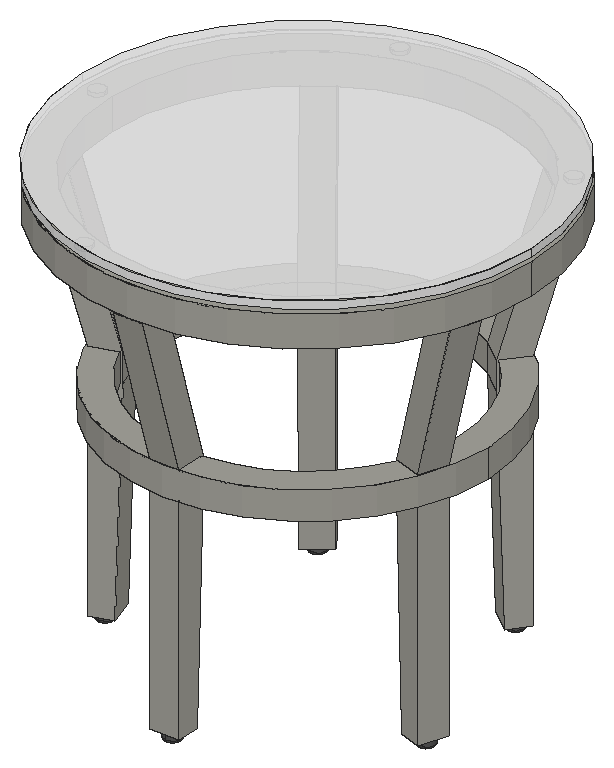
Revit family "Haworth_Janus_Slant_Table_Occasional_Round", category Furniture, Revit 2018
Family settings
  OmniClass Number = 23.40.70.14.64.21
  OmniClass Title = Systems Furniture
  Work Plane-Based = No
  Always vertical = Yes
  Cut with Voids When Loaded = No
  Shared = No
  Room Calculation Point = No
Parameters (values of type "HCJC-SL-TON20-G")
  Warranty = "https://www.haworth.com/resources/product-info/warranties"
  URL - Product = "https://www.haworth.com/products/tables/outdoor/slant"
  Trim Finish [instance] = Haworth _ Paint _ Slant _ Sable
  Top Finish = Haworth _ Glass _ Frosted
  Radius = Actual Width / 2  # 10"
  Model = "HCJC-SL-TON20-G"
  URL = "http://www.haworth.com/our-brands/haworth-collection"
  Size = "Verify Final Dim. w/ Haworth"  # constant formula
  Revision Number = "2"  # constant formula
  Standard Height = "19.75 in."  # constant formula
  Manufacturer = "Haworth"  # constant formula
  Description = "Haworth Janus Slant Round Occasional Table"
  Author = "Haworth (Abd Rahman)"  # constant formula
  Assembly Code = "E2020200"
  Actual Width = 20"  # constant formula
  Actual Height = 19 3/4"  # constant formula
  Table Thickness = Actual Height - 3/8"  # 19 3/8"
  Standard Depths = "20 in."  # constant formula
  Actual Depth = Actual Width  # 20"
Reference planes (in)
  plane 1 "Center F/B": y = -0.15866
  plane 2 "Floor": z = 0
  plane 3 "Center L/R": x = 0
  plane 4 "Table Edge Left": x = -10
  plane 5 "Table Edge Right": x = 10
  plane 6 "Table Edge Back": y = -10.15866
  plane 7 "Table Edge Front": y = 9.84134
  plane 8 "Table Top Top": z = 19.75
  plane 9: z = 0
  plane 10 "Table Bottom": z = 19.375
  plane 11: z = 19.2415
  plane 12: z = 17.8585
  plane 13: z = 11.39391
  plane 14: z = 10.14393
Forms (in)
  Extrusion 1, solid, material "Haworth _ Glass _ Frosted" <- "Top Finish"
    sketch origin (0, 0, 0) x (1, 0, 0) y (0, 1, 0)
      loop
        circle (0, -0.15866) r 10
    from 19.375 to 19.75
  Extrusion 2, solid, material "Haworth _ Paint _ Slant _ Sable" <- "Trim Finish"
    sketch origin (0, 0, 0) x (1, 0, 0) y (0, 1, 0)
      loop
        circle (7.55343, -5.58237) r 0.33501
      loop
        circle (-2.83181, -9.01637) r 0.33501
      loop
        circle (-9.30108, -0.20827) r 0.33501
      loop
        circle (-2.92436, 8.67343) r 0.33501
      loop
        circle (7.49291, 5.34379) r 0.33501
    from 19.23892 to 19.375
Lines and regions (in)
  Masking region 1
    outline origin (0, 0, 0) x (1, 0, 0) y (0, 1, 0)
      loop
        circle (0, -0.15866) r 10
  reference lines
    curve 1: circle (0, -0.15866, 0) r 10 normal (0, 0, 1)
Dimensions and locks (in)
  plane 4 "Table Edge Left" to plane 5 "Table Edge Right" = 20"
  equal spacing: plane 4 "Table Edge Left", plane 3 "Center L/R", plane 5 "Table Edge Right"
  plane 7 "Table Edge Front" to plane 6 "Table Edge Back" = 20"
  equal spacing: plane 7 "Table Edge Front", plane 1 "Center F/B", plane 6 "Table Edge Back"
  "Actual Height": plane 9 to plane 8 "Table Top Top"
  radius of Extrusion 1 sketch curve = 10"
  aligned and locked: Extrusion 1 sketch curve to curve 1
  aligned and locked: plane 8 "Table Top Top" to Extrusion 1  (x2)
  aligned and locked: Extrusion 1 to plane 10 "Table Bottom"
  aligned and locked: plane 10 "Table Bottom" to Extrusion 2
Automatic sketch dimensions
  plane 1 "Center F/B" to curve 1 = 0"
  curve 1 to plane 3 "Center L/R" = 0"
  plane 1 "Center F/B" to Extrusion 2 sketch curve = 0.04961"
  plane 4 "Table Edge Left" to Extrusion 2 sketch curve = 0.69892"
  Extrusion 2 sketch curve to plane 7 "Table Edge Front" = 1.16791"
  Extrusion 2 sketch curve to plane 3 "Center L/R" = 2.92436"
  plane 6 "Table Edge Back" to Extrusion 2 sketch curve = 1.14229"
  Extrusion 2 sketch curve to plane 3 "Center L/R" = 2.83181"
  Extrusion 2 sketch curve to plane 5 "Table Edge Right" = 2.50709"
  Extrusion 2 sketch curve to plane 5 "Table Edge Right" = 2.44657"
  plane 6 "Table Edge Back" to Extrusion 2 sketch curve = 4.57629"
  Extrusion 2 sketch curve to plane 7 "Table Edge Front" = 4.49755"
  plane 1 "Center F/B" to Masking region 1 sketch curve = 0"
  Masking region 1 sketch curve to plane 3 "Center L/R" = 0"
  radius of curve 1 = 10"
  radius of Extrusion 2 sketch curve = 0.33501"  (x5)
  radius of Masking region 1 sketch curve = 10"
Nested families (in)
  nested 1: "Haworth_Janus_Slant_RoundOccasionalTable_PART" at (0.03414, -0.00567, 0), Frame Finish <- "Trim Finish", type "HCJC-SL-TON20-G - PART"
Definition of nested family "Haworth_Janus_Slant_RoundOccasionalTable_PART"
  Parameters (values of type "HCJC-SL-TON20-G - PART")
    Warranty = "https://www.haworth.com/resources/product-info/warranties"
    URL - Product = "https://www.haworth.com/products/tables/outdoor/slant"
    Model = "HCJC-SL-TON20-G"
    URL = "http://www.haworth.com/our-brands/haworth-collection"
    Size = "Verify Final Dim. w/ Haworth"  # constant formula
    Revision Number = "2"  # constant formula
    Manufacturer = "Haworth"  # constant formula
    Glide Height = 45" / 128  # 45/128"
    Glide Finish = none
    Frame Finish [instance] = none
    Description = "Haworth Slant Round Occasional Table - PART"
    Author = "Haworth (Abd Rahman)"  # constant formula
    Assembly Code = "E2020200"
    Actual Height = 17 55/64"  # constant formula
  Reference planes (in)
    plane 1 "Center F/B": y = -0.15866
    plane 2 "Floor": z = 0
    plane 3 "Center L/R": x = 0
    plane 4: z = 0
    plane 5: z = 17.85938
    plane 6: z = 11.14391
    plane 7: z = 9.89393
    plane 8 "Glide Top": z = 0.35156
    plane 9: z = 19.24168
  Forms (in)
    Extrusion 1, solid, material <- "Frame Finish"
      sketch origin (0, 0, 0) x (0, 1, 0) y (0, 0, 1)
        loop
          line (-8.83476, 17.85938) -> (-10.13793, 17.85938) -> (-8.13264, 11.14394) -> (-8.13264, 0.35156) -> (-7.12716, 0.35156) -> (-6.82748, 9.89393) -> (-6.82748, 11.14394) -> (-8.83476, 17.85938)
      from -0.64999 to 0.64473
    Extrusion 2, solid, material <- "Frame Finish"
      sketch origin (0.17571, -0.10334, 0) x (0.951057, 0.309017, 0) y (0, 0, 1)
        loop
          line (-8.83476, 17.85938) -> (-10.13793, 17.85938) -> (-8.13264, 11.14394) -> (-8.13264, 0.35156) -> (-7.12716, 0.35156) -> (-6.82748, 9.89393) -> (-6.82748, 11.14394) -> (-8.83476, 17.85938)
      from -0.64999 to 0.64473
    Extrusion 3, solid, material <- "Frame Finish"
      sketch origin (-0.17571, -0.10334, 0) x (-0.951057, 0.309017, 0) y (0, 0, -1)
        loop
          line (-8.83476, -17.85938) -> (-6.82748, -11.14394) -> (-6.82748, -9.89393) -> (-7.12716, -0.35156) -> (-8.13264, -0.35156) -> (-8.13264, -11.14394) -> (-10.13793, -17.85938) -> (-8.83476, -17.85938)
      from -0.64999 to 0.64473
    Extrusion 4, solid, material <- "Frame Finish"
      sketch origin (0.19938, -0.21685, 0) x (0.601815, -0.798636, 0) y (0, 0, 1)
        loop
          line (-8.83476, 17.85938) -> (-10.13793, 17.85938) -> (-8.13264, 11.14394) -> (-8.13264, 0.35156) -> (-7.12716, 0.35156) -> (-6.82748, 9.89393) -> (-6.82748, 11.14394) -> (-8.83476, 17.85938)
      from -0.64999 to 0.64473
    Extrusion 5, solid, material <- "Frame Finish"
      sketch origin (-0.19938, -0.21685, 0) x (-0.601815, -0.798636, 0) y (0, 0, -1)
        loop
          line (-8.83476, -17.85938) -> (-6.82748, -11.14394) -> (-6.82748, -9.89393) -> (-7.12716, -0.35156) -> (-8.13264, -0.35156) -> (-8.13264, -11.14394) -> (-10.13793, -17.85938) -> (-8.83476, -17.85938)
      from -0.64999 to 0.64473
    Revolve 6, solid, material <- "Glide Finish"
      sketch origin (0, 0, -0.29687) x (0, 1, 0) y (0, 0, 1)
        loop
          line (-7.67368, 0.64844) -> (-8.04848, 0.64844) -> (-8.04848, 0.39688)
          arc (-8.04848, 0.39688) -> (-8.01919, 0.32617) -> (-7.94848, 0.29688) r 0.1
          line (-7.94848, 0.29688) -> (-7.67368, 0.29688) -> (-7.67368, 0.64844)
        axis (-7.67368, 0.64844) -> (-7.67368, 0.29688)
      angle from 0 to 360
    Revolve 7, solid, material <- "Glide Finish"
      sketch origin (-7.14749, 5.19402, -0.29687) x (0, 1, 0) y (0, 0, 1)
        loop
          line (-7.67368, 0.64844) -> (-8.04848, 0.64844) -> (-8.04848, 0.39688)
          arc (-8.04848, 0.39688) -> (-8.01919, 0.32617) -> (-7.94848, 0.29688) r 0.1
          line (-7.94848, 0.29688) -> (-7.67368, 0.29688) -> (-7.67368, 0.64844)
        axis (-7.67368, 0.64844) -> (-7.67368, 0.29688)
      angle from 0 to 360
    Revolve 8, solid, material <- "Glide Finish"
      sketch origin (-4.41674, 13.59751, -0.29687) x (0, 1, 0) y (0, 0, 1)
        loop
          line (-7.67368, 0.64844) -> (-8.04848, 0.64844) -> (-8.04848, 0.39688)
          arc (-8.04848, 0.39688) -> (-8.01919, 0.32617) -> (-7.94848, 0.29688) r 0.1
          line (-7.94848, 0.29688) -> (-7.67368, 0.29688) -> (-7.67368, 0.64844)
        axis (-7.67368, 0.64844) -> (-7.67368, 0.29688)
      angle from 0 to 360
    Revolve 9, solid, material <- "Glide Finish"
      sketch origin (4.412, 13.58969, -0.29687) x (0, 1, 0) y (0, 0, 1)
        loop
          line (-7.67368, 0.64844) -> (-8.04848, 0.64844) -> (-8.04848, 0.39688)
          arc (-8.04848, 0.39688) -> (-8.01919, 0.32617) -> (-7.94848, 0.29688) r 0.1
          line (-7.94848, 0.29688) -> (-7.67368, 0.29688) -> (-7.67368, 0.64844)
        axis (-7.67368, 0.64844) -> (-7.67368, 0.29688)
      angle from 0 to 360
    Revolve 10, solid, material <- "Glide Finish"
      sketch origin (7.14859, 5.19136, -0.29687) x (0, 1, 0) y (0, 0, 1)
        loop
          line (-7.67368, 0.64844) -> (-8.04848, 0.64844) -> (-8.04848, 0.39688)
          arc (-8.04848, 0.39688) -> (-8.01919, 0.32617) -> (-7.94848, 0.29688) r 0.1
          line (-7.94848, 0.29688) -> (-7.67368, 0.29688) -> (-7.67368, 0.64844)
        axis (-7.67368, 0.64844) -> (-7.67368, 0.29688)
      angle from 0 to 360
    Extrusion 11, solid, material <- "Frame Finish"
      sketch origin (0, 0, 0) x (1, 0, 0) y (0, 1, 0)
        loop
          circle (0, -0.15866) r 8.05469
        loop
          circle (0, -0.15866) r 6.76562
      from 9.89393 to 11.14391
    Extrusion 12, solid, material <- "Frame Finish"
      sketch origin (0, 0, 0) x (1, 0, 0) y (0, 1, 0)
        loop
          circle (0, -0.15866) r 10
        loop
          circle (0, -0.15866) r 8.75
      from 17.85937 to 19.24168
  Cuts and joins
    joined: Extrusion 1, Extrusion 2, Extrusion 3, Extrusion 4, Extrusion 5, Extrusion 11
  Lines and regions (in)
    Masking region 1
      outline origin (0, 0, 0) x (1, 0, 0) y (0, 1, 0)
        loop
          circle (0, -0.15866) r 8.05469
        loop
          circle (0, -0.15866) r 6.76562
    symbolic lines
      curve 1: line (5.38267, 8.27083, 0) -> (3.3904, 5.62699, 0)
      curve 2: line (4.42441, 4.84781, 0) -> (6.41669, 7.49165, 0)
      curve 3: line (5.38267, 8.27083, 0) -> (6.41669, 7.49165, 0)
      curve 4: line (3.3904, 5.62699, 0) -> (4.42441, 4.84781, 0)
      curve 5: line (9.6669, -2.61796, 0) -> (6.51848, -1.59497, 0)
      curve 6: line (6.11838, -2.82633, 0) -> (9.26681, -3.84931, 0)
      curve 7: line (9.6669, -2.61796, 0) -> (9.26681, -3.84931, 0)
      curve 8: line (6.51848, -1.59497, 0) -> (6.11838, -2.82633, 0)
      curve 9: line (0.64473, -10.13793, 0) -> (0.64473, -6.82748, 0)
      curve 10: line (-0.64999, -6.82748, 0) -> (-0.64999, -10.13793, 0)
      curve 11: line (0.64473, -6.82748, 0) -> (-0.64999, -6.82748, 0)
      curve 12: line (0.64473, -10.13793, 0) -> (-0.64999, -10.13793, 0)
      curve 13: line (-6.11838, -2.82633, 0) -> (-6.51848, -1.59497, 0)
      curve 14: line (-6.51848, -1.59497, 0) -> (-9.6669, -2.61796, 0)
      curve 15: line (-9.26681, -3.84931, 0) -> (-9.6669, -2.61796, 0)
      curve 16: line (-9.26681, -3.84931, 0) -> (-6.11838, -2.82633, 0)
      curve 17: line (-6.41669, 7.49165, 0) -> (-4.42441, 4.84781, 0)
      curve 18: line (-3.3904, 5.62699, 0) -> (-5.38267, 8.27083, 0)
      curve 19: line (-4.42441, 4.84781, 0) -> (-3.3904, 5.62699, 0)
      curve 20: line (-6.41669, 7.49165, 0) -> (-5.38267, 8.27083, 0)
  Dimensions and locks (in)
    "Glide Height": plane 8 "Glide Top" to plane 4
    "Actual Height": plane 5 to plane 4
    aligned and locked: Revolve 6 to plane 8 "Glide Top"
    aligned and locked: plane 6 to Extrusion 11
    aligned and locked: Extrusion 11 to plane 7
    aligned and locked: plane 9 to Extrusion 12
    aligned and locked: Extrusion 12 to plane 5
  Automatic sketch dimensions
    Extrusion 1 sketch curve to plane 5 = 0"
    Extrusion 1 sketch curve to plane 8 "Glide Top" = 0"
    Extrusion 1 sketch curve to plane 7 = 0"
    Extrusion 1 sketch curve to Extrusion 1 sketch curve = 1.30317"
    plane 6 to Extrusion 1 sketch curve = 0.00003"  (x2)
    Extrusion 1 sketch curve to Extrusion 1 sketch curve = 1.00548"
    Extrusion 1 sketch curve to Extrusion 1 sketch curve = 1.30515"
    Extrusion 2 sketch curve to plane 5 = 0"
    Extrusion 2 sketch curve to plane 8 "Glide Top" = 0"
    Extrusion 2 sketch curve to plane 7 = 0"
    Extrusion 2 sketch curve to Extrusion 2 sketch curve = 1.30317"
    plane 6 to Extrusion 2 sketch curve = 0.00003"  (x2)
    Extrusion 2 sketch curve to Extrusion 2 sketch curve = 0.70213"
    Extrusion 2 sketch curve to Extrusion 2 sketch curve = 1.00548"
    Extrusion 2 sketch curve to Extrusion 2 sketch curve = 1.30515"
    Extrusion 3 sketch curve to plane 5 = 0"
    Extrusion 3 sketch curve to plane 8 "Glide Top" = 0"
    Extrusion 3 sketch curve to plane 7 = 0"
    Extrusion 3 sketch curve to Extrusion 3 sketch curve = 1.30317"
    plane 6 to Extrusion 3 sketch curve = 0.00003"  (x2)
    Extrusion 3 sketch curve to Extrusion 3 sketch curve = 0.70213"
    Extrusion 3 sketch curve to Extrusion 3 sketch curve = 1.00548"
    Extrusion 3 sketch curve to Extrusion 3 sketch curve = 1.30515"
    Extrusion 4 sketch curve to plane 5 = 0"
    Extrusion 4 sketch curve to plane 8 "Glide Top" = 0"
    Extrusion 4 sketch curve to plane 7 = 0"
    Extrusion 4 sketch curve to Extrusion 4 sketch curve = 1.30317"
    plane 6 to Extrusion 4 sketch curve = 0.00003"  (x2)
    Extrusion 4 sketch curve to Extrusion 4 sketch curve = 0.70213"
    Extrusion 4 sketch curve to Extrusion 4 sketch curve = 1.00548"
    Extrusion 4 sketch curve to Extrusion 4 sketch curve = 1.30515"
    Extrusion 5 sketch curve to plane 5 = 0"
    Extrusion 5 sketch curve to plane 8 "Glide Top" = 0"
    Extrusion 5 sketch curve to plane 7 = 0"
    Extrusion 5 sketch curve to Extrusion 5 sketch curve = 1.30317"
    plane 6 to Extrusion 5 sketch curve = 0.00003"  (x2)
    Extrusion 5 sketch curve to Extrusion 5 sketch curve = 0.70213"
    Extrusion 5 sketch curve to Extrusion 5 sketch curve = 1.00548"
    Extrusion 5 sketch curve to Extrusion 5 sketch curve = 1.30515"
    Revolve 6 sketch curve to plane 8 "Glide Top" = 0"
    level to Revolve 6 sketch curve = 0"
    Revolve 6 sketch curve to Revolve 6 sketch curve = 0.1"
    Revolve 6 sketch curve to Revolve 6 sketch curve = 0.2748"
    Revolve 6 sketch curve to Revolve 6 sketch curve = 0"
    Revolve 6 sketch curve to level = 0.00293"
    Revolve 6 sketch curve to plane 8 "Glide Top" = 0.00449"
    Revolve 7 sketch curve to plane 8 "Glide Top" = 0"
    plane 1 "Center F/B" to Revolve 7 sketch curve = 2.6958"
    level to Revolve 7 sketch curve = 0"
    Revolve 7 sketch curve to Revolve 7 sketch curve = 0.1"
    Revolve 7 sketch curve to Revolve 7 sketch curve = 0.2748"
    Revolve 7 sketch curve to Revolve 7 sketch curve = 0"
    Revolve 7 sketch curve to level = 0.00293"
    Revolve 7 sketch curve to Revolve 7 sketch curve = 0.00449"
    Revolve 8 sketch curve to plane 8 "Glide Top" = 0"
    level to Revolve 8 sketch curve = 0"
    Revolve 8 sketch curve to Revolve 8 sketch curve = 0.1"
    Revolve 8 sketch curve to Revolve 8 sketch curve = 0.2748"
    Revolve 8 sketch curve to Revolve 8 sketch curve = 0"
    Revolve 8 sketch curve to level = 0.00293"
    Revolve 8 sketch curve to Revolve 8 sketch curve = 0.00449"
    Revolve 9 sketch curve to plane 8 "Glide Top" = 0"
    level to Revolve 9 sketch curve = 0"
    Revolve 9 sketch curve to Revolve 9 sketch curve = 0.1"
    Revolve 9 sketch curve to Revolve 9 sketch curve = 0.2748"
    Revolve 9 sketch curve to Revolve 9 sketch curve = 0"
    Revolve 9 sketch curve to level = 0.00293"
    Revolve 9 sketch curve to Revolve 9 sketch curve = 0.00449"
    Revolve 10 sketch curve to plane 8 "Glide Top" = 0"
    plane 1 "Center F/B" to Revolve 10 sketch curve = 2.69846"
    level to Revolve 10 sketch curve = 0"
    Revolve 10 sketch curve to Revolve 10 sketch curve = 0.1"
    Revolve 10 sketch curve to Revolve 10 sketch curve = 0.2748"
    Revolve 10 sketch curve to Revolve 10 sketch curve = 0"
    Revolve 10 sketch curve to level = 0.00293"
    Revolve 10 sketch curve to Revolve 10 sketch curve = 0.00449"
    Revolve 8 sketch curve to plane 1 "Center F/B" = 5.70768"
    Revolve 9 sketch curve to plane 1 "Center F/B" = 5.69987"
    plane 1 "Center F/B" to Extrusion 1 sketch curve = 9.97927"
    Extrusion 1 sketch curve to Extrusion 1 sketch curve = 0.70213"
    plane 1 "Center F/B" to Revolve 6 sketch curve = 7.88982"
    plane 1 "Center F/B" to curve 14 = 2.4593"
    curve 14 to plane 3 "Center L/R" = 9.6669"
    plane 1 "Center F/B" to curve 15 = 3.69065"
    curve 14 to curve 15 = 0.40009"
    plane 1 "Center F/B" to curve 14 = 1.43631"
    curve 20 to plane 3 "Center L/R" = 6.41669"
    curve 17 to curve 20 = 1.03401"
    curve 17 to curve 19 = 1.99228"
    curve 11 to plane 3 "Center L/R" = 0.64999"
    plane 3 "Center L/R" to curve 11 = 0.64473"
    plane 3 "Center L/R" to curve 1 = 3.3904"
    plane 1 "Center F/B" to curve 8 = 2.66767"
    plane 3 "Center L/R" to curve 8 = 6.11838"
    plane 1 "Center F/B" to curve 8 = 1.43631"
    curve 6 to curve 8 = 0.40009"
    plane 1 "Center F/B" to curve 7 = 3.69065"
    plane 1 "Center F/B" to curve 11 = 6.66883"
    curve 9 to curve 9 = 3.31045"
    curve 4 to plane 1 "Center F/B" = 5.00647"
    curve 17 to plane 1 "Center F/B" = 5.00647"
    curve 17 to curve 19 = 0.77918"
    curve 2 to curve 4 = 0.77918"
    curve 1 to curve 2 = 1.03401"
    curve 1 to curve 3 = 1.99228"
    Extrusion 11 sketch curve to Extrusion 11 sketch curve = 0"  (x2)
    plane 1 "Center F/B" to Extrusion 11 sketch curve = 0"
    Extrusion 11 sketch curve to plane 3 "Center L/R" = 0"
    Masking region 1 sketch curve to Masking region 1 sketch curve = 0"  (x2)
    plane 1 "Center F/B" to Masking region 1 sketch curve = 0"
    Masking region 1 sketch curve to plane 3 "Center L/R" = 0"
    Extrusion 12 sketch curve to Extrusion 12 sketch curve = 0"  (x2)
    plane 1 "Center F/B" to Extrusion 12 sketch curve = 0"
    Extrusion 12 sketch curve to plane 3 "Center L/R" = 0"
    radius of Extrusion 11 sketch curve = 8 7/128"
    radius of Extrusion 11 sketch curve = 6 49/64"
    radius of Masking region 1 sketch curve = 8 7/128"
    radius of Masking region 1 sketch curve = 6 49/64"
    radius of Extrusion 12 sketch curve = 10"
    radius of Extrusion 12 sketch curve = 8 3/4"
